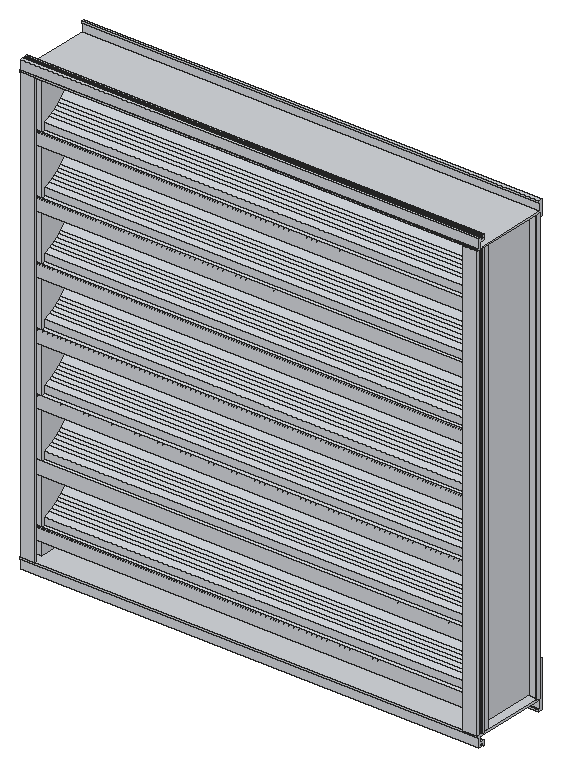
Revit family "FL-D-6.1", category Mechanical Equipment, Revit 2015
Parameters
  URL = "http://unitedenertech.com/catalog/pdf/A_3%20FL-D-6.1.pdf"
  Type Comments = "Max. Single Section Size is (120\"w  x  84\"h) or (84\"h  x  120\"w)"
  Number of Blades [instance] = rounddown((Exact Height - 0' 1 13/16") / 0' 4 41/64")  # 7
  Model = "FL-D-6.1"
  Manufacturer = "United Enertech Corporation"
  Exact Width = 3' - 0"
  Exact Height = 3' - 0"
  Description = "High Performance 6\" Fixed Louver"
  Depth = 0' - 6.26867"
  Blade Width [instance] = Exact Width - 0' 1 13/16"  # 2' - 10 3/16"
  Blade Spacing = 0' - 4.64"
Reference planes (in)
  plane 1 "Center (Front/Back)": y = 0
  plane 2: z = 0
  plane 3 "Center (Left/Right)": x = 0
  plane 4: x = -18
  plane 5: x = 18
  plane 6: z = 36
  plane 7: z = 0.907
  plane 8: z = 35.093
  plane 9: y = 6.26867
  plane 10: x = -17.094
  plane 11: x = 17.094
Forms (in)
  Extrusion 1, solid
    sketch origin (32.73411, 22.44798, 0) x (1, 0, 0) y (0, 1, 0)
      loop
        line (-50.60911, -16.59898) -> (-50.60911, -16.49198) -> (-49.95311, -16.49198) -> (-49.95311, -21.36398) -> (-50.66611, -21.36398) -> (-50.66611, -21.82298) -> (-50.73411, -21.82298) -> (-50.73411, -21.94798) -> (-50.66611, -21.94798) -> (-50.66611, -22.00898) -> (-50.58511, -22.00898) -> (-50.58511, -21.94798) -> (-50.49711, -21.94798) -> (-50.49711, -22.32298) -> (-50.58511, -22.32298) -> (-50.58511, -22.23198) -> (-50.66611, -22.23198) -> (-50.66611, -22.44798) -> (-49.56511, -22.44798) -> (-49.56511, -22.32298) -> (-49.82811, -22.32298) -> (-49.82811, -22.21598) -> (-49.95311, -22.21598) -> (-49.95311, -22.32298) -> (-50.37211, -22.32298) -> (-50.37211, -21.82298) -> (-50.54111, -21.82298) -> (-50.54111, -21.48898) -> (-49.82811, -21.48898) -> (-49.82811, -16.49198) -> (-49.56511, -16.49198) -> (-49.56511, -16.36698) -> (-50.73411, -16.36698) -> (-50.73411, -16.59898) -> (-50.60911, -16.59898)
    from 0.907 to 35.093
  Extrusion 2, solid
    sketch origin (-32.73411, 22.44798, 0) x (-1, 0, 0) y (0, -1, 0)
      loop
        line (-50.60911, 16.59898) -> (-50.73411, 16.59898) -> (-50.73411, 16.36698) -> (-49.56511, 16.36698) -> (-49.56511, 16.49198) -> (-49.82811, 16.49198) -> (-49.82811, 21.48898) -> (-50.54111, 21.48898) -> (-50.54111, 21.82298) -> (-50.37211, 21.82298) -> (-50.37211, 22.32298) -> (-49.95311, 22.32298) -> (-49.95311, 22.21598) -> (-49.82811, 22.21598) -> (-49.82811, 22.32298) -> (-49.56511, 22.32298) -> (-49.56511, 22.44798) -> (-50.66611, 22.44798) -> (-50.66611, 22.23198) -> (-50.58511, 22.23198) -> (-50.58511, 22.32298) -> (-50.49711, 22.32298) -> (-50.49711, 21.94798) -> (-50.58511, 21.94798) -> (-50.58511, 22.00898) -> (-50.66611, 22.00898) -> (-50.66611, 21.94798) -> (-50.73411, 21.94798) -> (-50.73411, 21.82298) -> (-50.66611, 21.82298) -> (-50.66611, 21.36398) -> (-49.95311, 21.36398) -> (-49.95311, 16.49198) -> (-50.60911, 16.49198) -> (-50.60911, 16.59898)
    from 0.907 to 35.093
  Extrusion 3, solid
    sketch origin (-10.45021, 50.73378, 8.99276) x (0, 1, 0) y (0, 0, 1)
      loop
        line (-44.46511, -5.28576) -> (-44.59011, -5.28576) -> (-44.59011, -8.08576) -> (-50.73378, -8.08576) -> (-50.73378, -8.21076) -> (-50.67111, -8.21076) -> (-50.67111, -8.92376) -> (-50.45511, -8.92376) -> (-50.45511, -8.84276) -> (-50.56811, -8.84276) -> (-50.56811, -8.75476) -> (-50.17111, -8.75476) -> (-50.17111, -8.84276) -> (-50.23211, -8.84276) -> (-50.23211, -8.92376) -> (-50.17111, -8.92376) -> (-50.17111, -8.99276) -> (-50.09011, -8.99276) -> (-50.09011, -8.62976) -> (-50.56811, -8.62976) -> (-50.56811, -8.21076) -> (-44.59011, -8.21076) -> (-44.59011, -8.86776) -> (-44.69711, -8.86776) -> (-44.69711, -8.99276) -> (-44.46511, -8.99276) -> (-44.46511, -5.28576)
    from -7.54979 to 28.45021
  Extrusion 4, solid
    sketch origin (-12.41983, 50.73378, 47.84535) x (0, 1, 0) y (0, 0, 1)
      loop
        line (-50.17111, -11.84535) -> (-50.17111, -11.91435) -> (-50.23211, -11.91435) -> (-50.23211, -11.99535) -> (-50.17111, -11.99535) -> (-50.17111, -12.08335) -> (-50.56811, -12.08335) -> (-50.56811, -11.99535) -> (-50.45511, -11.99535) -> (-50.45511, -11.91435) -> (-50.67111, -11.91435) -> (-50.67111, -12.62735) -> (-50.73378, -12.62735) -> (-50.73378, -12.75235) -> (-44.59011, -12.75235) -> (-44.59011, -13.00235) -> (-44.46511, -13.00235) -> (-44.46511, -11.84535) -> (-44.69711, -11.84535) -> (-44.69711, -11.97035) -> (-44.59011, -11.97035) -> (-44.59011, -12.62735) -> (-50.56811, -12.62735) -> (-50.56811, -12.20835) -> (-50.09011, -12.20835) -> (-50.09011, -11.84535) -> (-50.17111, -11.84535)
    from -5.58017 to 30.41983
Dimensions and locks (in)
  equal spacing: plane 4, plane 3 "Center (Left/Right)", plane 5
  "Exact Width": plane 4 to plane 5
  "Exact Height": plane 6 to level
  locked: plane 7 to level at 0.907
  locked: plane 6 to plane 8 at 0.907
  "Depth": plane 1 "Center (Front/Back)" to plane 9
  locked: plane 4 to plane 10 at 0.906
  locked: plane 11 to plane 5 at 0.906
  equal spacing: group 1, group 2, group 3, group 4, group 5, group 6, group 7  (x2)
  equal spacing: group 7, group 6, group 5, group 4, group 3, group 2, group 1
  "Blade Spacing": nested 2 to nested 1
  aligned and locked: level to plane 2
  aligned and locked: Extrusion 1 to plane 4
  aligned and locked: plane 5 to Extrusion 2
  aligned and locked: Extrusion 3 to level
  aligned and locked: level to Extrusion 3
  aligned and locked: Extrusion 1 to Extrusion 3
  aligned and locked: Extrusion 2 to Extrusion 1
  aligned and locked: Extrusion 3 to plane 4
  aligned and locked: plane 5 to Extrusion 3
  aligned and locked: plane 6 to Extrusion 4  (x2)
  aligned and locked: plane 8 to Extrusion 1
  aligned and locked: plane 8 to Extrusion 2
  aligned and locked: Extrusion 4 to plane 4
  aligned and locked: plane 5 to Extrusion 4
  aligned and locked: plane 3 "Center (Left/Right)" to nested 1
  aligned and locked: Extrusion 1 to Extrusion 4
  aligned and locked: Extrusion 2 to Extrusion 4
  aligned and locked: nested 1 to Extrusion 4  (x2)
  aligned and locked: Extrusion 4 to Extrusion 1
  aligned and locked: nested 2 to nested 1
Automatic sketch dimensions
  Extrusion 1 sketch curve to plane 4 = 0' - 0"  (x2)
  plane 4 to Extrusion 1 sketch curve = 0' - 0.068"  (x3)
  plane 4 to Extrusion 1 sketch curve = 0' - 0 1/8"
  Extrusion 1 sketch curve to Extrusion 1 sketch curve = 0' - 0.081"  (x2)
  Extrusion 1 sketch curve to Extrusion 1 sketch curve = 0' - 0 1/8"  (x9)
  Extrusion 1 sketch curve to Extrusion 1 sketch curve = 0' - 0.088"
  Extrusion 1 sketch curve to Extrusion 1 sketch curve = 0' - 0.419"
  Extrusion 1 sketch curve to Extrusion 1 sketch curve = 0' - 0.588"
  Extrusion 1 sketch curve to Extrusion 1 sketch curve = 0' - 0.263"  (x2)
  plane 1 "Center (Front/Back)" to Extrusion 1 sketch curve = 0' - 0"
  Extrusion 1 sketch curve to Extrusion 1 sketch curve = 0' - 0"  (x3)
  Extrusion 1 sketch curve to Extrusion 1 sketch curve = 0' - 0.091"
  Extrusion 1 sketch curve to Extrusion 1 sketch curve = 0' - 0.107"  (x2)
  Extrusion 1 sketch curve to Extrusion 1 sketch curve = 0' - 0.223"
  Extrusion 1 sketch curve to Extrusion 1 sketch curve = 0' - 0.061"  (x2)
  Extrusion 1 sketch curve to Extrusion 1 sketch curve = 0' - 0.334"
  Extrusion 1 sketch curve to Extrusion 1 sketch curve = 0' - 4.765"
  Extrusion 2 sketch curve to plane 5 = 0' - 0"  (x2)
  plane 5 to Extrusion 2 sketch curve = 0' - 0.068"  (x3)
  plane 5 to Extrusion 2 sketch curve = 0' - 0 1/8"
  Extrusion 2 sketch curve to Extrusion 2 sketch curve = 0' - 0.081"  (x2)
  Extrusion 2 sketch curve to Extrusion 2 sketch curve = 0' - 0 1/8"  (x9)
  Extrusion 2 sketch curve to Extrusion 2 sketch curve = 0' - 0.088"
  Extrusion 2 sketch curve to Extrusion 2 sketch curve = 0' - 0.419"
  Extrusion 2 sketch curve to Extrusion 2 sketch curve = 0' - 0.588"
  Extrusion 2 sketch curve to Extrusion 2 sketch curve = 0' - 0.263"  (x2)
  Extrusion 2 sketch curve to plane 1 "Center (Front/Back)" = 0' - 0"
  Extrusion 2 sketch curve to Extrusion 2 sketch curve = 0' - 0"  (x3)
  Extrusion 2 sketch curve to Extrusion 2 sketch curve = 0' - 0.091"
  Extrusion 2 sketch curve to Extrusion 2 sketch curve = 0' - 0.107"  (x2)
  Extrusion 2 sketch curve to Extrusion 2 sketch curve = 0' - 0.223"
  Extrusion 2 sketch curve to Extrusion 2 sketch curve = 0' - 0.061"  (x2)
  Extrusion 2 sketch curve to Extrusion 2 sketch curve = 0' - 0.334"
  Extrusion 2 sketch curve to Extrusion 2 sketch curve = 0' - 4.765"
  plane 1 "Center (Front/Back)" to Extrusion 3 sketch curve = 0' - 0"
  Extrusion 3 sketch curve to Extrusion 3 sketch curve = 0' - 0.06267"
  Extrusion 3 sketch curve to Extrusion 3 sketch curve = 0' - 0.103"  (x2)
  Extrusion 3 sketch curve to Extrusion 3 sketch curve = 0' - 0.113"
  Extrusion 3 sketch curve to Extrusion 3 sketch curve = 0' - 0.223"
  Extrusion 3 sketch curve to Extrusion 3 sketch curve = 0' - 0.061"  (x2)
  Extrusion 3 sketch curve to Extrusion 3 sketch curve = 0' - 0.081"  (x3)
  Extrusion 3 sketch curve to Extrusion 3 sketch curve = 0' - 5.393"
  Extrusion 3 sketch curve to Extrusion 3 sketch curve = 0' - 0.107"
  Extrusion 3 sketch curve to Extrusion 3 sketch curve = 0' - 0"  (x3)
  Extrusion 3 sketch curve to Extrusion 3 sketch curve = 0' - 0 1/8"  (x4)
  level to Extrusion 3 sketch curve = 0' - 0"
  Extrusion 3 sketch curve to Extrusion 3 sketch curve = 0' - 0.069"  (x2)
  Extrusion 3 sketch curve to Extrusion 3 sketch curve = 0' - 0.088"
  Extrusion 3 sketch curve to Extrusion 3 sketch curve = 0' - 0.419"
  Extrusion 3 sketch curve to Extrusion 3 sketch curve = 0' - 2.8"
  plane 1 "Center (Front/Back)" to Extrusion 4 sketch curve = 0' - 0"
  Extrusion 4 sketch curve to Extrusion 4 sketch curve = 0' - 0.06267"
  Extrusion 4 sketch curve to Extrusion 4 sketch curve = 0' - 0.103"  (x2)
  Extrusion 4 sketch curve to Extrusion 4 sketch curve = 0' - 0.113"
  Extrusion 4 sketch curve to Extrusion 4 sketch curve = 0' - 0.223"
  Extrusion 4 sketch curve to Extrusion 4 sketch curve = 0' - 0.061"  (x2)
  Extrusion 4 sketch curve to Extrusion 4 sketch curve = 0' - 0.081"  (x3)
  Extrusion 4 sketch curve to Extrusion 4 sketch curve = 0' - 5.393"
  Extrusion 4 sketch curve to Extrusion 4 sketch curve = 0' - 0.107"  (x2)
  Extrusion 4 sketch curve to Extrusion 4 sketch curve = 0' - 0 1/8"  (x4)
  plane 7 to Extrusion 4 sketch curve = 2' - 9.936"
  Extrusion 4 sketch curve to Extrusion 4 sketch curve = 0' - 0 1/4"
  Extrusion 4 sketch curve to Extrusion 4 sketch curve = 0' - 0"
  Extrusion 4 sketch curve to Extrusion 4 sketch curve = 0' - 0.419"
  Extrusion 4 sketch curve to Extrusion 4 sketch curve = 0' - 0.088"  (x2)
  Extrusion 4 sketch curve to Extrusion 4 sketch curve = 0' - 0.657"
  Extrusion 4 sketch curve to Extrusion 4 sketch curve = 0' - 0.069"
Nested families (in)
  nested 1: "FL-D-6.1 Blade" at (0, -14.9157, 24.73608), type "FL-D-6.1 Blade"
    with Blade Width 2' - 10 3/16"
  nested 2: "FL-D-6.1 Blade" at (0, -14.9157, 20.09608), type "FL-D-6.1 Blade"
    with Blade Width 2' - 10 3/16"
  nested 3: "FL-D-6.1 Blade" at (0, -14.9157, 15.45608), type "FL-D-6.1 Blade"
    with Blade Width 2' - 10 3/16"
  nested 4: "FL-D-6.1 Blade" at (0, -14.9157, 10.81608), type "FL-D-6.1 Blade"
    with Blade Width 2' - 10 3/16"
  nested 5: "FL-D-6.1 Blade" at (0, -14.9157, 6.17608), type "FL-D-6.1 Blade"
    with Blade Width 2' - 10 3/16"
  nested 6: "FL-D-6.1 Blade" at (0, -14.9157, 1.53608), type "FL-D-6.1 Blade"
    with Blade Width 2' - 10 3/16"
  nested 7: "FL-D-6.1 Blade" at (0, -14.9157, -3.10392), type "FL-D-6.1 Blade"
    with Blade Width 2' - 10 3/16"
Definition of nested family "FL-D-6.1 Blade"
  Parameters (values of type "FL-D-6.1 Blade")
    Blade Width = 3' - 0"
  Reference planes (in)
    plane 1 "Center (Front/Back)": y = 0
    plane 2: z = 0
    plane 3 "Center (Left/Right)": x = 0
    plane 4: x = -18
    plane 5: x = 18
  Forms (in)
    Extrusion 1, solid
      sketch origin (18, 54.38174, 39.01464) x (0, 1, 0) y (0, 0, -1)
        loop
          line (-39.25345, 32.46294) -> (-38.95319, 32.7632) -> (-39.01046, 32.82047) -> (-39.17245, 32.65849) -> (-39.17245, 33.38694) -> (-38.23056, 32.94673) -> (-38.23056, 32.38423) -> (-37.77738, 32.17243) -> (-37.54184, 32.05271) -> (-37.29125, 31.90257) -> (-37.06039, 31.74067) -> (-36.86062, 31.57949) -> (-36.67767, 31.41175) -> (-35.90854, 30.64262) -> (-35.14182, 30.28428) -> (-35.48393, 30.28428) -> (-35.48393, 30.20328) -> (-34.96851, 30.20328) -> (-34.02804, 29.76373) -> (-33.59104, 29.76373) -> (-33.59104, 28.74284) -> (-33.63154, 28.74284) -> (-33.63154, 28.65773) -> (-33.51004, 28.65773) -> (-33.51004, 29.84473) -> (-34.01004, 29.84473) -> (-35.86053, 30.70959) -> (-36.59539, 31.44445) -> (-36.7967, 31.63236) -> (-36.96074, 31.76773) -> (-37.10258, 31.87361) -> (-37.26289, 31.98209) -> (-37.46356, 32.10277) -> (-37.70504, 32.22792) -> (-37.84203, 32.29205) -> (-38.14956, 32.43602) -> (-38.14956, 32.99828) -> (-39.25345, 33.51421) -> (-39.25345, 32.46294)
      from 0 to 36
  Dimensions and locks (in)
    equal spacing: plane 5, plane 3 "Center (Left/Right)", plane 4
    "Blade Width": plane 5 to plane 4
    aligned and locked: level to plane 2
    aligned and locked: Extrusion 1 to plane 4
    aligned and locked: plane 5 to Extrusion 1
  Automatic sketch dimensions
    Extrusion 1 sketch curve to plane 1 "Center (Front/Back)" = 1' - 3.1283"
    Extrusion 1 sketch curve to Extrusion 1 sketch curve = 0' - 0.081"  (x5)
    Extrusion 1 sketch curve to Extrusion 1 sketch curve = 0' - 0.16198"
    Extrusion 1 sketch curve to Extrusion 1 sketch curve = 0' - 0.05728"
    Extrusion 1 sketch curve to Extrusion 1 sketch curve = 0' - 0.72263"
    Extrusion 1 sketch curve to Extrusion 1 sketch curve = 0' - 0.30753"
    Extrusion 1 sketch curve to Extrusion 1 sketch curve = 0' - 0.06465"
    Extrusion 1 sketch curve to Extrusion 1 sketch curve = 0' - 0.07234"
    Extrusion 1 sketch curve to Extrusion 1 sketch curve = 0' - 0.1632"
    Extrusion 1 sketch curve to Extrusion 1 sketch curve = 0' - 0.07828"
    Extrusion 1 sketch curve to Extrusion 1 sketch curve = 0' - 0.17231"
    Extrusion 1 sketch curve to Extrusion 1 sketch curve = 0' - 0.02836"
    Extrusion 1 sketch curve to Extrusion 1 sketch curve = 0' - 0.18866"
    Extrusion 1 sketch curve to Extrusion 1 sketch curve = 0' - 0.04219"
    Extrusion 1 sketch curve to Extrusion 1 sketch curve = 0' - 0.09965"
    Extrusion 1 sketch curve to Extrusion 1 sketch curve = 0' - 0.10012"
    Extrusion 1 sketch curve to Extrusion 1 sketch curve = 0' - 0.06392"
    Extrusion 1 sketch curve to Extrusion 1 sketch curve = 0' - 0.18296"
    Extrusion 1 sketch curve to Extrusion 1 sketch curve = 0' - 0.08228"
    Extrusion 1 sketch curve to Extrusion 1 sketch curve = 0' - 0.68685"
    Extrusion 1 sketch curve to Extrusion 1 sketch curve = 0' - 0.04801"
    Extrusion 1 sketch curve to Extrusion 1 sketch curve = 0' - 0.4246"
    Extrusion 1 sketch curve to Extrusion 1 sketch curve = 0' - 0.34211"
    Extrusion 1 sketch curve to Extrusion 1 sketch curve = 0' - 0.17331"
    Extrusion 1 sketch curve to Extrusion 1 sketch curve = 0' - 0.94048"
    Extrusion 1 sketch curve to Extrusion 1 sketch curve = 0' - 0.01799"
    Extrusion 1 sketch curve to Extrusion 1 sketch curve = 0' - 0.39649"
    Extrusion 1 sketch curve to Extrusion 1 sketch curve = 0' - 0.0405"
    level to Extrusion 1 sketch curve = 0' - 10.35692"
    Extrusion 1 sketch curve to Extrusion 1 sketch curve = 0' - 0.08511"
    Extrusion 1 sketch curve to Extrusion 1 sketch curve = 0' - 1.02089"
    Extrusion 1 sketch curve to Extrusion 1 sketch curve = 0' - 0.35855"
    Extrusion 1 sketch curve to Extrusion 1 sketch curve = 0' - 0.35834"
    Extrusion 1 sketch curve to Extrusion 1 sketch curve = 0' - 0.06697"
    Extrusion 1 sketch curve to Extrusion 1 sketch curve = 0' - 0.70216"
    Extrusion 1 sketch curve to Extrusion 1 sketch curve = 0' - 0.0327"
    Extrusion 1 sketch curve to Extrusion 1 sketch curve = 0' - 0.16774"
    Extrusion 1 sketch curve to Extrusion 1 sketch curve = 0' - 0.05287"
    Extrusion 1 sketch curve to Extrusion 1 sketch curve = 0' - 0.16119"
    Extrusion 1 sketch curve to Extrusion 1 sketch curve = 0' - 0.02706"
    Extrusion 1 sketch curve to Extrusion 1 sketch curve = 0' - 0.13294"
    Extrusion 1 sketch curve to Extrusion 1 sketch curve = 0' - 0.02896"
    Extrusion 1 sketch curve to Extrusion 1 sketch curve = 0' - 0.07952"
    Extrusion 1 sketch curve to Extrusion 1 sketch curve = 0' - 0.07062"
    Extrusion 1 sketch curve to Extrusion 1 sketch curve = 0' - 0.05006"
    Extrusion 1 sketch curve to Extrusion 1 sketch curve = 0' - 0.11972"
    Extrusion 1 sketch curve to Extrusion 1 sketch curve = 0' - 0.0555"
    Extrusion 1 sketch curve to Extrusion 1 sketch curve = 0' - 0.11963"
    Extrusion 1 sketch curve to Extrusion 1 sketch curve = 0' - 0.09218"
    Extrusion 1 sketch curve to Extrusion 1 sketch curve = 0' - 0.05179"
    Extrusion 1 sketch curve to Extrusion 1 sketch curve = 0' - 0.07871"
    Extrusion 1 sketch curve to Extrusion 1 sketch curve = 0' - 0.19555"
    Extrusion 1 sketch curve to Extrusion 1 sketch curve = 0' - 0.51071"
    Extrusion 1 sketch curve to Extrusion 1 sketch curve = 0' - 0.05155"
    Extrusion 1 sketch curve to Extrusion 1 sketch curve = 0' - 0.56647"
    Extrusion 1 sketch curve to Extrusion 1 sketch curve = 0' - 0.12727"
